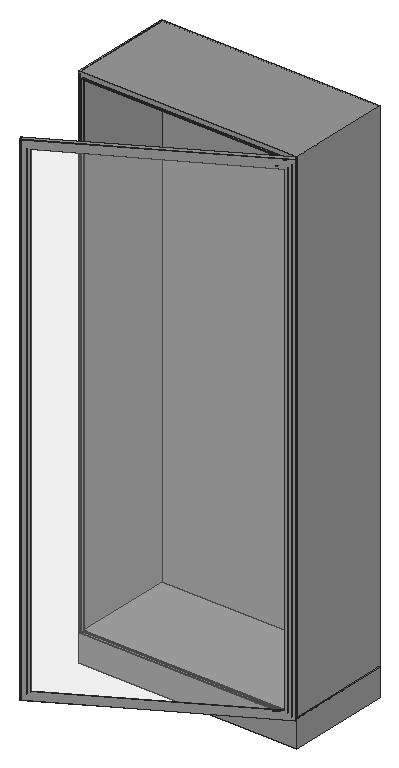
Revit family "Hager-Univers-IP55-D400-H1950-Cl.I-Steel_encl-NoHosted-PL-en", category Equipement électrique, Revit 2020
Family settings
  Configuration du panneau = Deux colonnes, circuits au sein
  Cote de connecteur circulaire = Utiliser le diamètre
  Type d'élément = Tableau de raccordement
  Basée sur le plan de construction = Oui
  Toujours verticalement = Oui
  Couper avec des vides une fois chargée = Non
  Partagée = Non
  Point de calcul de pièce = Non
Parameters (values of type "Floor installation IP55 W800 H1950 D400  - FR23V1")
  Width Control [instance] = if([EF000008 - Width] > Min Width, [EF000008 - Width], Min Width)  # 800 mm
  Commentaires du type = [HG000003 - Range]  # "Univers"
  Thickness Door [instance] = if([EF009171 - Material plate thickness door/cover] > 3 mm, 3 mm, [EF009171 - Material plate thickness door/cover])  # 1.5 mm
  Seal Frame Offset [instance] = 17 mm  # constant formula
  Plinth Visibility [instance] = [HG000027 - Plinth height] > 0 mm  # yes
  Min Width [instance] = 100 mm  # constant formula
  Min Depth [instance] = (2 * [EF009170 - Material plate thickness cabinet]) + 1 mm  # 4 mm
  Min Height [instance] = 100 mm  # constant formula
  Internal Frame Depth [instance] = (Door System Depth * 0.5)  # 9 mm
  Panel Name [instance] = ""  # (empty or 0)
  Model = ""
  HG000027 - Plinth height = 100 mm
  HG000026 - Floor standing = yes
  HG000024 - Bottom section height = 600 mm
  HG000023 - Double section enclosure = no
  HG000016 - Door 3d visibility [instance] = yes
  HG000015 - Clearance visibility [instance] = no
  HG000014 - Door on the right [instance] = yes
  HG000013 - Door on the left [instance] = not([HG000014 - Door on the right])  # no
  HG000012 - Door swing angle [instance] = 30.00°
  HG000010 - Asymmetric doors = no
  HG000009 - Double swing door = no
  HG000006 - Flush mounted = no
  HG000004 - Manufacturer reference = "FR23V1"
  HG000003 - Range = "Univers"
  HG000002 - With door or cover = yes
  Frame Offset Bottom [instance] = 10 mm  # constant formula
  Frame Offset [instance] = 15 mm  # constant formula
  EF015940 - Cover with overpressure release = no
  EF011959 - Degree of protection (NEMA) = ""
  EF009554 - Number of openings for flange plates = 6
  EF009212 - Cover model = "EV000116 - Closed"
  EF009171 - Material plate thickness door/cover = 1.5 mm
  EF009170 - Material plate thickness cabinet = 1.5 mm
  EF008873 - Nominal current (In) = 800 A
  EF007800 - Suitable for lightning protection = no
  EF006306 - With lock = no
  EF006244 - Transparent cover/door = yes
  EF005474 - Degree of protection (IP) = "EV006420 - IP55"
  EF004464 - Type of door = "EV002646 - Single"
  EF004427 - Number of modules = 432
  EF004293 - Impact strength = "EV008784 - IK10"
  EF003532 - Suitable for outdoor use = no
  EF002950 - Width in number of modular spacings = 24
  EF001613 - Circuit integrity = "EV000494 - None"
  EF001596 - Material housing = "EV000179 - Steel"
  EF001131 - Internal depth = 400 mm
  EF001088 - Extension possible = yes
  EF000437 - Number of conduit inlets = 6
  EF000339 - Type of cover = "EV004216 - Door"
  EF000266 - Number of rows = 12
  EF000218 - Built-in depth = 0 mm
  EF000118 - With mounting plate = no
  EF000116 - RAL-number = "7035"
  EF000049 - Depth = 400 mm
  EF000040 - Height = 1950 mm
  EF000008 - Width = 800 mm
  EF000007 - Colour = "EV000270 - Grey"
  EF000003 - Mounting method = "EV012274 - Floor installation"
  Door System Leaf Tolerance [instance] = 1.5 mm  # constant formula
  Door System Depth [instance] = 18 mm  # constant formula
  Door Height [instance] = Height Control - [HG000027 - Plinth height]  # 1850 mm
  Description = ""
  Default Elevation = 1219.2 mm
  Connector Offset [instance] = Height Control / 2  # 975 mm
  Fabricant = "Hager"  # constant formula
  Height Control [instance] = if([EF000040 - Height] > Min Height, [EF000040 - Height], Min Height)  # 1950 mm
  Depth Control [instance] = if([EF000049 - Depth] > Min Depth, [EF000049 - Depth], Min Depth)  # 400 mm
  Bottom Top Plate Trim [instance] = 1.5 mm  # constant formula
  Plinth height Ctrl [instance] = if([HG000027 - Plinth height] > 0 mm, [HG000027 - Plinth height], 12 mm)  # 100 mm
Types (11, lengths in mm): name | Width Control | HG000010 - Asymmetric doors | HG000009 - Double swing door | HG000004 - Manufacturer reference | EF009554 - Number of openings for flange plates | EF006244 - Transparent cover/door | EF004464 - Type of door | EF004427 - Number of modules | EF000437 - Number of conduit inlets | EF000008 - Width
  Floor installation IP55 W1050 H1950 D400  - FR24G1 | 1050 | yes | yes | "FR24G1" | 8 | no | "EV003602 - Double" | 576 | 8 | 1050
  Floor installation IP55 W1050 H1950 D400  - FR24V1 | 1050 | yes | yes | "FR24V1" | 8 | yes | "EV003602 - Double" | 576 | 8 | 1050
  Floor installation IP55 W1300 H1950 D400  - FR25G1 | 1300 | yes | yes | "FR25G1" | 10 | no | "EV003602 - Double" | 720 | 10 | 1300
  Floor installation IP55 W1300 H1950 D400  - FR25V1 | 1300 | yes | yes | "FR25V1" | 10 | yes | "EV003602 - Double" | 720 | 10 | 1300
  Floor installation IP55 W1550 H1950 D400  - FR26G1 | 1550 | yes | yes | "FR26G1" | 12 | no | "EV003602 - Double" | 864 | 12 | 1550
  Floor installation IP55 W1550 H1950 D400  - FR26V1 | 1550 | yes | yes | "FR26V1" | 12 | yes | "EV003602 - Double" | 864 | 12 | 1550
  Floor installation IP55 W300 H1950 D400  - FR21G1 | 300 | no | no | "FR21G1" | 2 | no | "EV002646 - Single" | 144 | 2 | 300
  Floor installation IP55 W550 H1950 D400  - FR22G1 | 550 | no | no | "FR22G1" | 4 | no | "EV002646 - Single" | 288 | 4 | 550
  Floor installation IP55 W550 H1950 D400  - FR22V1 | 550 | no | no | "FR22V1" | 4 | yes | "EV002646 - Single" | 288 | 4 | 550
  Floor installation IP55 W800 H1950 D400  - FR23G1 | 800 | no | no | "FR23G1" | 6 | no | "EV002646 - Single" | 432 | 6 | 800
  Floor installation IP55 W800 H1950 D400  - FR23V1 | 800 | no | no | "FR23V1" | 6 | yes | "EV002646 - Single" | 432 | 6 | 800
Reference planes
  plane 1 "Center (Front/Back)": y = 0
  plane 2: z = 0
  plane 3 "Center (Left/Right)": x = 0
  plane 4: y = 0
  plane 5: y = 0
  plane 6: z = 0
  plane 7: x = -400
  plane 8: x = 400
  plane 9: x = 398.5
  plane 10: x = -398.5
  plane 11: z = 100
  plane 12: z = 101.5
  plane 13: y = -400
  plane 14: y = -1.5
  plane 15: x = 0
  plane 16: y = -382
  plane 17: y = -398.5
  plane 18: y = -380.5
  plane 19: x = -383.5
  plane 20: x = 383.5
  plane 21: z = 111.5
  plane 22: x = -383
  plane 23: x = 383
  plane 24: z = 100
  plane 25: z = 1950
  plane 26: z = 1950
  plane 27: z = 1933.5
  plane 28: z = 1948.5
Forms (mm)
  Extrusion 1, solid, material "Hager_Steel_RAL7035_Light_Grey", detail levels medium+fine
    sketch origin (-208.679, -4572, 100) x (-1, 0, 0) y (0, -1, 0)
      loop
        line (191.321, -4190) -> (-608.679, -4190) -> (-608.679, -4572) -> (191.321, -4572) -> (191.321, -4190)
    from 0 to 1850
  Extrusion 2, void
    sketch origin (-350.771, -400, 1219.2) x (1, 0, 0) y (0, 0, 1)
      loop
        line (-47.729, 729.3) -> (-47.729, -1117.7) -> (749.271, -1117.7) -> (749.271, 729.3) -> (-47.729, 729.3)
    from -19.5 to -398.5
  Extrusion 3, void
    sketch origin (-290.084, -382, 1219.2) x (1, 0, 0) y (0, 0, 1)
      loop
        line (-93.416, -1107.7) -> (673.584, -1107.7) -> (673.584, 714.3) -> (-93.416, 714.3) -> (-93.416, -1107.7)
    from 0 to -1.5
  Extrusion 4, solid, material "Hager_Steel_RAL7035_Light_Grey", visible <- "Plinth Visibility", detail levels medium+fine
    sketch origin (0, 0, 0) x (1, 0, 0) y (0, 1, 0)
      loop
        line (-400, 0) -> (-400, -382) -> (400, -382) -> (400, 0) -> (-400, 0)
    from 0 to 100 <- "Plinth height Ctrl"
  Extrusion 5, solid, material "Hager_Steel_RAL7035_Light_Grey", detail levels coarse
    sketch origin (0, 0, 0) x (1, 0, 0) y (0, 1, 0)
      loop
        line (-400, 0) -> (-400, -400) -> (400, -400) -> (400, 0) -> (-400, 0)
    from 0 to 1950 <- "Height Control"
  Sweep 6, void
    path in 3D
      loop
        line (-400, -382, 100) -> (400, -382, 100) -> (400, 0, 100) -> (-400, 0, 100) -> (-400, -382, 100)
    profile origin (-400, -191, 100) x (1, 0, 0) y (0, 0, 1)
      loop
        line (0, 0) -> (0, -1.5) -> (1.5, -1.5)
        arc (1.5, -1.5) -> (1.061, -0.439) -> (0, 0) r 1.5
  Extrusion 7, solid, material "Hager_Steel_RAL7035_Light_Grey", detail levels fine
    sketch origin (-400, -382, 100) x (1, 0, 0) y (0, 0, 1)
      loop
        line (16.5, 11.5) -> (783.5, 11.5) -> (783.5, 1833.5) -> (16.5, 1833.5) -> (16.5, 11.5)
      loop
        line (15, 10) -> (785, 10) -> (785, 1835) -> (15, 1835) -> (15, 10)
    from 0 to 9 <- "Internal Frame Depth"
Cuts and joins
  Extrusion 2, Extrusion 3 cuts Extrusion 1
  Sweep 6 cuts Extrusion 4
Lines and regions (mm)
  Masking region 1
    outline origin (0, 0, 0) x (1, 0, 0) y (0, 1, 0)
      loop
        line (-400, 0) -> (-400, -400) -> (400, -400) -> (400, 0) -> (-400, 0)
  Masking region 2, detail levels coarse
    outline origin (-290.084, -382, 1219.2) x (-1, 0, 0) y (0, 0, 1)
      loop
        line (-690.084, -1219.2) -> (109.916, -1219.2) -> (109.916, 730.8) -> (-690.084, 730.8) -> (-690.084, -1219.2)
  Masking region 3, detail levels coarse
    outline origin (0, 0, 0) x (0, 1, 0) y (0, 0, 1)
      loop
        line (0, 0) -> (0, 1950) -> (-400, 1950) -> (-400, 0) -> (0, 0)
  Masking region 4, visible <- "Plinth Visibility", detail levels medium+fine
    outline origin (0, 0, 0) x (0, 1, 0) y (0, 0, 1)
      loop
        line (-1.5, 100) -> (-380.5, 100)
        arc (-380.5, 100) -> (-380.939, 98.939) -> (-382, 98.5) r 1.5
        line (-382, 98.5) -> (-382, 0) -> (0, 0) -> (0, 98.5)
        arc (0, 98.5) -> (-1.061, 98.939) -> (-1.5, 100) r 1.5
  Masking region 5, detail levels medium+fine
    outline origin (0, 0, 594.038) x (0, 1, 0) y (0, 0, 1)
      loop
        line (0, -494.038) -> (0, 1355.962) -> (-382, 1355.962) -> (-382, -494.038) -> (0, -494.038)
  Masking region 6, detail levels medium+fine
    outline origin (-359.7, -382, 1211.883) x (-1, 0, 0) y (0, 0, 1)
      loop
        line (-759.7, -1111.883) -> (40.3, -1111.883) -> (40.3, 738.117) -> (-759.7, 738.117) -> (-759.7, -1111.883)
  Masking region 7, visible <- "Plinth Visibility", detail levels medium+fine
    outline origin (-320.334, -382, 1041.368) x (-1, 0, 0) y (0, 0, 1)
      loop
        line (-720.334, -1041.368) -> (79.666, -1041.368) -> (79.666, -942.868)
        arc (79.666, -942.868) -> (78.606, -942.429) -> (78.166, -941.368) r 1.5
        line (78.166, -941.368) -> (-718.834, -941.368)
        arc (-718.834, -941.368) -> (-719.273, -942.429) -> (-720.334, -942.868) r 1.5
        line (-720.334, -942.868) -> (-720.334, -1041.368)
  sketch lines
    curve 1: line (-400, 0, 100) -> (-400, -382, 100)
    curve 2: line (-400, -382, 100) -> (400, -382, 100)
    curve 3: line (400, 0, 100) -> (-400, 0, 100)
    curve 4: line (400, -382, 100) -> (400, 0, 100)
Dimensions and locks
  locked: plane 1 "Center (Front/Back)" to plane 5
  "EF009170 - Material plate thickness cabinet": plane 7 to plane 10
  "EF009170 - Material plate thickness cabinet": plane 8 to plane 9
  equal spacing: plane 7, plane 3 "Center (Left/Right)", plane 8
  "Width Control": plane 7 to plane 8
  "Depth Control": plane 4 to plane 13
  "EF009170 - Material plate thickness cabinet": plane 4 to plane 14
  "Height Control": plane 25 to level
  "HG000027 - Plinth height": plane 11 to level
  "EF009170 - Material plate thickness cabinet": plane 12 to plane 11
  "EF009170 - Material plate thickness cabinet": plane 17 to plane 13
  "EF009170 - Material plate thickness cabinet": plane 18 to plane 16
  "Frame Offset Bottom": plane 21 to plane 12
  "Frame Offset": plane 10 to plane 19
  "Frame Offset": plane 9 to plane 20
  "Door System Depth": plane 16 to plane 13
  "Seal Frame Offset": plane 7 to plane 22
  "Seal Frame Offset": plane 8 to plane 23
  "EF009170 - Material plate thickness cabinet": plane 26 to plane 28
  "Frame Offset": plane 28 to plane 27
  "Connector Offset": plane 2 to connector elem
  "Bottom Top Plate Trim": profile plane to Sweep 6 sketch curve
  "Bottom Top Plate Trim": Sweep 6 sketch curve to Sweep 6 sketch curve
  "Plinth height Ctrl": Masking region 4 sketch curve to level
  "Plinth height Ctrl": Masking region 7 sketch curve to level
  "Thickness Door": Extrusion 7 sketch curve to Extrusion 7 sketch curve  (x4)
  "Bottom Top Plate Trim": radius of Sweep 6 sketch curve
  "Bottom Top Plate Trim": radius of Masking region 4 sketch curve  (x2)
  "Bottom Top Plate Trim": radius of Masking region 7 sketch curve  (x2)
  aligned and locked: Extrusion 2 sketch curve to plane 12
  aligned and locked: Extrusion 2 sketch curve to plane 9
  aligned and locked: Extrusion 2 sketch curve to plane 10
  aligned and locked: Extrusion 2 to plane 14
  aligned and locked: Extrusion 1 sketch curve to plane 4
  aligned and locked: plane 8 to Extrusion 1 sketch curve
  aligned and locked: plane 7 to Extrusion 1 sketch curve
  aligned and locked: Extrusion 2 to plane 18
  aligned and locked: Extrusion 3 sketch curve to plane 19
  aligned and locked: plane 20 to Extrusion 3 sketch curve
  aligned and locked: Extrusion 3 to Extrusion 2
  aligned and locked: Extrusion 3 sketch curve to plane 21
  aligned and locked: plane 3 "Center (Left/Right)" to nested 1
  aligned and locked: Extrusion 1 sketch curve to plane 16
  aligned and locked: Extrusion 4 sketch curve to cut or joined group of Extrusion 1, Extrusion 2, Extrusion 3
  aligned and locked: Masking region 1 sketch curve to plane 7
  aligned and locked: Masking region 1 sketch curve to plane 5
  aligned and locked: Masking region 1 sketch curve to plane 8
  aligned and locked: Masking region 2 sketch curve to level
  aligned and locked: level to Masking region 3 sketch curve
  aligned and locked: plane 1 "Center (Front/Back)" to Masking region 3 sketch curve
  aligned and locked: plane 13 to Masking region 3 sketch curve
  aligned and locked: plane 5 to Masking region 4 sketch curve
  aligned and locked: Masking region 2 sketch curve to plane 8
  aligned and locked: Masking region 2 sketch curve to plane 7
  aligned and locked: plane 7 to nested 2
  aligned and locked: nested 2 to plane 5
  aligned and locked: plane 5 to Masking region 5 sketch curve
  aligned and locked: plane 26 to Masking region 5 sketch curve
  aligned and locked: Extrusion 5 sketch curve to plane 8
  aligned and locked: Extrusion 5 sketch curve to plane 7
  aligned and locked: Extrusion 5 sketch curve to plane 5
  aligned and locked: Extrusion 3 sketch curve to plane 27
  aligned and locked: Extrusion 2 sketch curve to plane 28
  aligned and locked: Masking region 2 to plane 25
  aligned and locked: Extrusion 4 to plane 16
  aligned and locked: profile plane to Sweep 6 sketch curve
  aligned and locked: Masking region 5 sketch curve to plane 24
  aligned and locked: level to Masking region 4 sketch curve
  aligned and locked: Masking region 1 to plane 13
  aligned and locked: nested 1 to plane 16
  aligned and locked: Masking region 3 to plane 25
  aligned and locked: plane 16 to Masking region 4 sketch curve
  aligned and locked: Masking region 5 sketch curve to plane 16
  aligned and locked: plane 24 to plane 11
  aligned and locked: plane 26 to plane 25
  aligned and locked: plane 26 to cut or joined group of Extrusion 1, Extrusion 2, Extrusion 3
  aligned and locked: nested 1 to plane 24
  aligned and locked: Extrusion 1 to Extrusion 3
  aligned and locked: Masking region 6 sketch curve to plane 8
  aligned and locked: Masking region 6 sketch curve to plane 24
  aligned and locked: Masking region 6 sketch curve to plane 7
  aligned and locked: Masking region 6 sketch curve to plane 26
  aligned and locked: Masking region 7 sketch curve to plane 7
  aligned and locked: level to Masking region 7 sketch curve
  aligned and locked: Masking region 7 sketch curve to plane 8
  aligned and locked: Extrusion 7 sketch curve to cut or joined group of Extrusion 1, Extrusion 2, Extrusion 3  (x4)
Automatic sketch dimensions
  plane 19 to Extrusion 3 sketch curve = 0 mm
  Extrusion 3 sketch curve to plane 20 = 0 mm
  Extrusion 3 sketch curve to plane 21 = 0 mm
  Extrusion 4 sketch curve to plane 7 = 0 mm
  Extrusion 4 sketch curve to plane 8 = 0 mm
  Extrusion 4 sketch curve to plane 16 = 0 mm
  Masking region 1 sketch curve to plane 13 = 0 mm
  Masking region 2 sketch curve to plane 25 = 0 mm
  Masking region 3 sketch curve to plane 25 = 0 mm
  Extrusion 5 sketch curve to plane 13 = 0 mm
  profile plane to Sweep 6 sketch curve = 0 mm
Nested families
  nested 1: "EC000058_Univers_Door" at (0, -382, 100), Double <- "HG000009 - Double swing door", Transparent <- "EF006244 - Transparent cover/door", Angle <- "HG000012 - Door swing angle", Door_Right <- "HG000014 - Door on the right", Assymetrical <- "HG000010 - Asymmetric doors", Door <- "HG000002 - With door or cover", Width_Ctrl <- "Width Control", 3d_Door <- "HG000016 - Door 3d visibility", Clearance <- "HG000015 - Clearance visibility", Door_Left <- "HG000013 - Door on the left", Width <- "Width Control", Door_Depth <- "Door System Depth", Leaf_Tolerance <- "Door System Leaf Tolerance", Height <- "Door Height", Lock_Visibility <- "EF006306 - With lock", Thickness <- "Thickness Door", type "EC000058_Univers_Door", detail levels medium+fine
    with min_wh 4 mm, Width_Ctrl 800 mm, Width 800 mm, Transparent yes, Thickness 1.5 mm, Seal_Material Hager_Rubber, Lock_Visibility no, Lock_Material Hager_Plastic_RAL9005_Jet_Black, Leaf_Width 800 mm, Leaf_Tolerance_External_Sides 0 mm, Leaf_Tolerance 1.5 mm, Leaf_Offset 0 mm, Leaf_Height 1847 mm, Leaf_2_Width 800 mm, Leaf_2_Offset 400 mm, Leaf_1_Width 800 mm, Leaf_1_Offset 400 mm, Height_Ctrl 1850 mm, Height 1850 mm, Glass_Material Hager_Glass, Double_Clearance_Ctrl no, Double no, Door_Right_Ctrl yes, Door_Right yes, Door_Material Hager_Steel_RAL7035_Light_Grey, Door_Left_Ctrl no, Door_Left no, Door_Depth 18 mm, Door yes, Clearance_Material Hager_Clearance, Clearance_Depth 800 mm, Clearance_Ctrl no, Clearance no, Assymetrical no, Angle 30.00°, 3d_Door yes
  nested 2: "Hager_Enclosure_Symbol" at (-400, 0, 0), Height <- "Depth Control", Width <- "Width Control", type "Hager_Enclosure_Symbol"
    with Width_Ctrl 800 mm, Width 800 mm, Height_Ctrl 400 mm, Height 400 mm, A_Width_Int 26.25 mm, A_Width 315 mm, A_Height_Ctrl 350 mm, A_Height 350 mm
Connectors
  electrical at (0, 0, 975)
    settings: on plane 1 "Center (Front/Back)", index 1, voltage 0 V, apparent load 0 VA, apparent load phase1 0 VA, apparent load phase2 0 VA, apparent load phase3 0 VA, power factor 1, load classification "Other", number of poles 1, system type 30, power factor state 1, is connector primary yes, connector utility no, sub classification motor no, connector description ""
Definition of nested family "EC000058_Univers_Door"
  Parameters (values of type "EC000058_Univers_Door")
    min_wh [instance] = (2 * Thickness) + 1 mm  # 11 mm
    Width_Ctrl [instance] = 400 mm
    Width [instance] = 500 mm
    Transparent [instance] = yes
    Thickness [instance] = 5 mm
    Seal_Material [instance] = none
    Lock_Visibility [instance] = yes
    Lock_Material [instance] = none
    Leaf_Width [instance] = if((Width_Ctrl - 2 * Leaf_Tolerance_External_Sides) > 0 mm, (Width_Ctrl - 2 * Leaf_Tolerance_External_Sides), min_wh)  # 400 mm
    Leaf_Tolerance_External_Sides [instance] = 0 mm  # constant formula
    Leaf_Tolerance [instance] = 1.5 mm
    Leaf_Offset [instance] = 0 mm  # constant formula
    Leaf_Height [instance] = if((Height_Ctrl - 2 * Leaf_Tolerance) > 0 mm, (Height_Ctrl - 2 * Leaf_Tolerance), min_wh)  # 497 mm
    Leaf_2_Width [instance] = if(and(and(Double, Assymetrical), Door_Left), (Leaf_Width / 3) - (Leaf_Tolerance / 2), if(and(and(Double, Assymetrical), Door_Right), (Leaf_Width / 3) * 2 - (Leaf_Tolerance / 2), if(and(Double, not(Assymetrical)), (Leaf_Width / 2) - Leaf_Tolerance, Leaf_Width)))  # 400 mm
    Leaf_2_Offset [instance] = if(and(Double, Assymetrical), Leaf_2_Width / 2, if(and(Double, not(Assymetrical)), Leaf_Width / 4, Leaf_Width / 2))  # 200 mm
    Leaf_1_Width [instance] = if(and(and(Double, Assymetrical), Door_Right), (Leaf_Width / 3) - (Leaf_Tolerance / 2), if(and(and(Double, Assymetrical), Door_Left), (Width / 3) * 2 - (Leaf_Tolerance / 2), if(and(Double, not(Assymetrical)), (Leaf_Width / 2) - Leaf_Tolerance, Leaf_Width)))  # 400 mm
    Leaf_1_Offset [instance] = if(and(Double, Assymetrical), Leaf_1_Width / 2, if(and(Double, not(Assymetrical)), Leaf_Width / 4, Leaf_Width / 2))  # 200 mm
    Height_Ctrl [instance] = if(Height > min_wh, Height, min_wh)  # 500 mm
    Height [instance] = 500 mm
    Glass_Material [instance] = none
    Double_Clearance_Ctrl [instance] = and(Double, Clearance)  # no
    Double [instance] = no
    Door_Right_Ctrl [instance] = and(or(Door_Right, Double), Door)  # yes
    Door_Right [instance] = yes
    Door_Material [instance] = none
    Door_Left_Ctrl [instance] = and(or(Door_Left, Double), Door)  # no
    Door_Left [instance] = no
    Door_Depth [instance] = 30 mm
    Door [instance] = yes
    Default Elevation = 1219.2 mm
    Clearance_Material [instance] = none
    Clearance_Depth [instance] = if(Leaf_1_Width > Leaf_2_Width, Leaf_1_Width, Leaf_2_Width)  # 400 mm
    Clearance_Ctrl [instance] = and(not(Double), Clearance)  # yes
    Clearance [instance] = yes
    Assymetrical [instance] = yes
    Angle [instance] = 30.00°
    3d_Door [instance] = yes
  Reference planes
    plane 1 "Center (Front/Back)": y = 0
    plane 2 "Bottom": z = 0
    plane 3 "Center (Left/Right)": x = 0
    plane 4: z = 500
    plane 5: x = -200
    plane 6: x = 200
    plane 7: z = 500
    plane 8: x = -200
    plane 9: z = 0
    plane 10: x = 200
    plane 11: y = 0
    plane 12: z = 1.5
    plane 13: x = -600
    plane 14: y = -400
    plane 15: x = 600
    plane 16: x = 0
    plane 17: x = 0
    plane 18: x = -200
    plane 19: x = 200
    plane 20: z = 498.5
  Forms (mm)
    Extrusion 1, solid, material <- "Clearance_Material", visible <- "Double_Clearance_Ctrl"
      sketch origin (1200, 0, 0) x (1, 0, 0) y (0, 0, -1)
        loop
          line (-1800, -498.5) -> (-600, -498.5) -> (-600, 0) -> (-1800, 0) -> (-1800, -498.5)
      from 0 to -400
  Dimensions and locks
    equal spacing: plane 5, plane 3 "Center (Left/Right)", plane 6
    "Width_Ctrl": plane 5 to plane 6
    "Leaf_Offset": plane 5 to plane 8
    "Leaf_Offset": plane 6 to plane 10
    "Leaf_Offset": plane 9 to level
    "Leaf_Offset": plane 4 to plane 7
    "Height_Ctrl": plane 4 to level
    "Leaf_Tolerance": plane 12 to plane 9
    locked: plane 11 to plane 1 "Center (Front/Back)"
    "Leaf_1_Offset": plane 18 to plane 16
    "Leaf_2_Offset": plane 17 to plane 19
    "Leaf_1_Width": plane 13 to plane 8
    "Leaf_2_Width": plane 10 to plane 15
    "Clearance_Depth": plane 14 to plane 1 "Center (Front/Back)"
    "Leaf_Tolerance_External_Sides": plane 8 to plane 18
    "Leaf_Tolerance_External_Sides": plane 19 to plane 10
    "Leaf_Tolerance": plane 7 to plane 20
    aligned and locked: level to plane 2 "Bottom"
    aligned and locked: nested 1 to plane 16
    aligned and locked: nested 2 to plane 17
    aligned and locked: Extrusion 1 to plane 13
    aligned and locked: plane 15 to Extrusion 1
    aligned and locked: Extrusion 1 to plane 14
    aligned and locked: plane 12 to nested 1
    aligned and locked: nested 2 to plane 12
    aligned and locked: Extrusion 1 to plane 11
    aligned and locked: plane 20 to Extrusion 1
    aligned and locked: nested 2 to plane 11
    aligned and locked: nested 1 to plane 11
  Automatic sketch dimensions
    Extrusion 1 sketch curve to level = 0 mm
    plane 5 to Extrusion 1 sketch curve = 400 mm
    plane 6 to Extrusion 1 sketch curve = 400 mm
    Extrusion 1 sketch curve to plane 4 = 1.5 mm
  Nested families
    nested 1: "EC000058_Univers_Door_Leaf" at (0, 0, 1.5), Width <- "Leaf_1_Width", visible <- "Door_Left_Ctrl", Leaf_Height <- "Leaf_Height", Angle <- "Angle", 3d_Door <- "3d_Door", Transparent <- "Transparent", Clearance Material <- "Clearance_Material", Clearance <- "Clearance_Ctrl", Door_Material <- "Door_Material", Glass_Material <- "Glass_Material", Door_Depth <- "Door_Depth", Lock_Material <- "Lock_Material", Seal_Material <- "Seal_Material", Lock_Visibility <- "Lock_Visibility", Thickness <- "Thickness", type "EC000058_Univers_Door_Leaf"
      with Width 400 mm, Transparent_Glass_Offset 30 mm, Transparent_Ctrl yes, Transparent yes, Thickness 5 mm, Standard no, Seal_Material none, Seal_D2 8 mm, Seal_D1 1 mm, Offset_Internal_Frame 10 mm, Lock_Width 20 mm, Lock_Visibility_3d yes, Lock_Visibility yes, Lock_Thickness_3 3 mm, Lock_Thickness_2 1 mm, Lock_Thickness_1 3 mm, Lock_Radius_Offset_2 16 mm, Lock_Radius_Offset_1 15 mm, Lock_Radius_2 5 mm, Lock_Radius 6 mm, Lock_Offset 5 mm, Lock_Material none, Lock_Height 80 mm, Lock_Cover_Top_Offset_2d 17 mm, Lock_Cover_Height -65 mm, Leaf_Height 497 mm, Internal_Seal_Thickness 8 mm, Internal_Seal_Depth_2 4.5 mm, Internal_Frame_Depth 25 mm, Glass_Thickness -1 mm, Glass_Offset -2 mm, Glass_Material none, Door_Material none, Door_Depth 30 mm, Clearance Material none, Clearance yes, Angle_Ctrl 30.00°, Angle 30.00°, 3d_Door yes
    nested 2: "EC000058_Univers_Door_Leaf" at (0, 0, 1.5) x (-1, 0, 0) z (0, 0, 1), Width <- "Leaf_2_Width", visible <- "Door_Right_Ctrl", Leaf_Height <- "Leaf_Height", Angle <- "Angle", 3d_Door <- "3d_Door", Transparent <- "Transparent", Clearance Material <- "Clearance_Material", Clearance <- "Clearance_Ctrl", Door_Material <- "Door_Material", Glass_Material <- "Glass_Material", Door_Depth <- "Door_Depth", Lock_Material <- "Lock_Material", Seal_Material <- "Seal_Material", Lock_Visibility <- "Lock_Visibility", Thickness <- "Thickness", type "EC000058_Univers_Door_Leaf"
      with Width 400 mm, Transparent_Glass_Offset 30 mm, Transparent_Ctrl yes, Transparent yes, Thickness 5 mm, Standard no, Seal_Material none, Seal_D2 8 mm, Seal_D1 1 mm, Offset_Internal_Frame 10 mm, Lock_Width 20 mm, Lock_Visibility_3d yes, Lock_Visibility yes, Lock_Thickness_3 3 mm, Lock_Thickness_2 1 mm, Lock_Thickness_1 3 mm, Lock_Radius_Offset_2 16 mm, Lock_Radius_Offset_1 15 mm, Lock_Radius_2 5 mm, Lock_Radius 6 mm, Lock_Offset 5 mm, Lock_Material none, Lock_Height 80 mm, Lock_Cover_Top_Offset_2d 17 mm, Lock_Cover_Height -65 mm, Leaf_Height 497 mm, Internal_Seal_Thickness 8 mm, Internal_Seal_Depth_2 4.5 mm, Internal_Frame_Depth 25 mm, Glass_Thickness -1 mm, Glass_Offset -2 mm, Glass_Material none, Door_Material none, Door_Depth 30 mm, Clearance Material none, Clearance yes, Angle_Ctrl 30.00°, Angle 30.00°, 3d_Door yes
  Definition of nested family "EC000058_Univers_Door_Leaf"
    Parameters (values of type "EC000058_Univers_Door_Leaf")
      Width [instance] = 2000 mm
      Transparent_Glass_Offset [instance] = 30 mm
      Transparent_Ctrl [instance] = and(Transparent, [3d_Door])  # yes
      Transparent [instance] = yes
      Thickness [instance] = 5 mm
      Standard [instance] = and(not(Transparent), [3d_Door])  # no
      Seal_Material [instance] = none
      Seal_D2 [instance] = 8 mm  # constant formula
      Seal_D1 [instance] = 1 mm  # constant formula
      Offset_Internal_Frame [instance] = 10 mm  # constant formula
      Lock_Width [instance] = 20 mm  # constant formula
      Lock_Visibility_3d [instance] = and(Lock_Visibility, [3d_Door])  # yes
      Lock_Visibility [instance] = yes
      Lock_Thickness_3 [instance] = 3 mm  # constant formula
      Lock_Thickness_2 [instance] = 1 mm  # constant formula
      Lock_Thickness_1 [instance] = 3 mm  # constant formula
      Lock_Radius_Offset_2 [instance] = Lock_Radius_Offset_1 + 1 mm  # 16 mm
      Lock_Radius_Offset_1 [instance] = 15 mm  # constant formula
      Lock_Radius_2 [instance] = Lock_Radius - 1 mm  # 5 mm
      Lock_Radius [instance] = 6 mm  # constant formula
      Lock_Offset [instance] = 5 mm  # constant formula
      Lock_Material [instance] = none
      Lock_Height [instance] = 80 mm  # constant formula
      Lock_Cover_Top_Offset_2d [instance] = Lock_Radius_Offset_2 + 1 mm  # 17 mm
      Lock_Cover_Height [instance] = -(Lock_Height - Lock_Radius_Offset_1)  # -65 mm
      Leaf_Height [instance] = 2720.336 mm
      Internal_Seal_Thickness [instance] = 8 mm  # constant formula
      Internal_Seal_Depth_2 [instance] = 4.5 mm  # constant formula
      Internal_Frame_Depth [instance] = if(Door_Depth - Thickness > 5 mm, Door_Depth - Thickness, 5 mm)  # 25 mm
      Glass_Thickness [instance] = if(Thickness > 15 mm, Glass_Offset + 10 mm, -1 mm)  # -1 mm
      Glass_Offset [instance] = if(Thickness > 15 mm, -(Thickness + 10 mm) / 2, -2 mm)  # -2 mm
      Glass_Material [instance] = none
      Door_Material [instance] = none
      Door_Depth [instance] = 30 mm
      Default Elevation = 0 mm
      Clearance Material [instance] = none
      Clearance [instance] = yes
      Angle_Ctrl [instance] = if(Angle > 180.00°, 180.00°, Angle)  # 90.00°
      Angle [instance] = 90.00°
      3d_Door [instance] = yes
    Reference planes
      plane 1 "Center (Front/Back)": y = 0
      plane 2: z = 0
      plane 3 "Center (Left/Right)": x = 0
      plane 4: y = 2000
      plane 5: x = -1000
      plane 6: x = 1000
      plane 7: x = -3000
      plane 8: z = 2720.336
      plane 9: z = 30
      plane 10: z = 2690.336
      plane 11: x = 970
      plane 12: x = -970
      plane 13: y = -3
      plane 14: z = 107.833
      plane 15: y = -5
      plane 16: y = -223.314
      plane 17: x = -1000
      plane 18: z = 1360.168
      plane 19: y = 30
    Forms (mm)
      Extrusion 1, solid, material <- "Clearance Material", visible <- "Clearance"
        sketch origin (0, 0, 0) x (1, 0, 0) y (0, 0, 1)
          loop
            line (-3000, 2720.336) -> (-3000, 0) -> (1000, 0) -> (1000, 2720.336) -> (-3000, 2720.336)
        from 0 to -2000
      Extrusion 2, solid, material <- "Door_Material", visible <- "Standard", detail levels medium+fine
        sketch origin (-1000, 0, 0) x (0, 1, 0) y (-1, 0, 0)
          loop
            line (0, 30) -> (0, 25) -> (2000, 25) -> (2000, 30) -> (0, 30)
        from 0 to 2720.336 <- "Leaf_Height"
      Extrusion 3, solid, material <- "Door_Material", visible <- "Transparent_Ctrl", detail levels medium+fine
        sketch origin (-1000, 0, 0) x (0, 1, 0) y (-1, 0, 0)
          loop
            line (0, 25) -> (2000, 25) -> (2000, 30) -> (0, 30) -> (0, 25)
        from 0 to 2720.336 <- "Leaf_Height"
      Extrusion 4, void
        sketch origin (-1025, 2000, 0) x (0, 1, 0) y (0, 0, -1)
          loop
            line (-30, -2690.336) -> (-30, -30) -> (-1970, -30) -> (-1970, -2690.336) -> (-30, -2690.336)
        from 0 to 5 <- "Thickness"
      Sweep 5, solid, material <- "Seal_Material", visible <- "Transparent_Ctrl", detail levels fine
        path in 3D
          loop
            line (-1025, 30, 30) -> (-1025, 30, 2690.336) -> (-1025, 1970, 2690.336) -> (-1025, 1970, 30) -> (-1025, 30, 30)
        profile origin (-1025, 1000, 30) x (1, 0, 0) y (0, 0, 1)
          loop
            line (0, 0) -> (0, -8) -> (1, -8) -> (1, 0) -> (0, 0)
      Extrusion 6, solid, material <- "Glass_Material", visible <- "Transparent_Ctrl", detail levels medium+fine
        sketch origin (-1030, 0, 0) x (0, 1, 0) y (0, 0, -1)
          loop
            line (1970, -2690.336) -> (1970, -30) -> (30, -30) -> (30, -2690.336) -> (1970, -2690.336)
        from -2 <- "Glass_Offset" to -1 <- "Glass_Thickness"
      Extrusion 7, solid, material <- "Door_Material", visible <- "3d_Door", detail levels medium+fine
        sketch origin (-1025, 2000, 0) x (0, -1, 0) y (0, 0, -1)
          loop
            line (0, -2720.336) -> (2000, -2720.336) -> (2000, 0) -> (0, 0) -> (0, -2720.336)
          loop
            line (1995, -5) -> (5, -5) -> (5, -2715.336) -> (1995, -2715.336) -> (1995, -5)
        from 0 to 25 <- "Internal_Frame_Depth"
      Sweep 8, solid, material <- "Seal_Material", visible <- "Transparent_Ctrl", detail levels fine
        path in 3D
          loop
            line (-1025, 0, 0) -> (-1025, 2000, 0) -> (-1025, 2000, 2720.336) -> (-1025, 0, 2720.336) -> (-1025, 0, 0)
        profile origin (-1025, 0, 1360.168) x (1, 0, 0) y (0, 1, 0)
          loop
            line (0, 10) -> (2.975, 10)
            arc (2.975, 10) -> (4.053, 10.447) -> (4.5, 11.525) r 1.525
            line (4.5, 11.525) -> (4.5, 16.527)
            arc (4.5, 16.527) -> (4.069, 17.569) -> (3.027, 18) r 1.473
            line (3.027, 18) -> (0, 18) -> (0, 10)
      Extrusion 9, solid, material <- "Lock_Material", visible <- "Lock_Visibility_3d", detail levels fine
        sketch origin (-1030, 0, 0) x (0, 1, 0) y (0, 0, -1)
          loop
            arc (1993.5, -1400.168) -> (1994.561, -1399.729) -> (1995, -1398.668) r 1.5
            line (1995, -1398.668) -> (1995, -1320.168) -> (1975, -1320.168) -> (1975, -1398.668)
            arc (1975, -1398.668) -> (1975.439, -1399.729) -> (1976.5, -1400.168) r 1.5
            line (1976.5, -1400.168) -> (1993.5, -1400.168)
        from 3 <- "Lock_Thickness_1" to 0
      Blend 10, solid, material <- "Lock_Material", visible <- "Lock_Visibility_3d", detail levels fine
        base sketch origin (-1033, 0, 0) x (0, 1, 0) y (0, 0, -1)
          loop
            line (1975, -1320.168) -> (1975, -1398.668)
            arc (1975, -1398.668) -> (1975.439, -1399.729) -> (1976.5, -1400.168) r 1.5
            line (1976.5, -1400.168) -> (1993.5, -1400.168)
            arc (1993.5, -1400.168) -> (1994.561, -1399.729) -> (1995, -1398.668) r 1.5
            line (1995, -1398.668) -> (1995, -1320.168) -> (1975, -1320.168)
        top sketch origin (-1033, 0, 0) x (0, 1, 0) y (0, 0, -1)
          loop
            line (1976, -1320.168) -> (1976, -1398.668)
            arc (1976, -1398.668) -> (1976.146, -1399.022) -> (1976.5, -1399.168) r 0.5
            line (1976.5, -1399.168) -> (1993.5, -1399.168)
            arc (1993.5, -1399.168) -> (1993.854, -1399.022) -> (1994, -1398.668) r 0.5
            line (1994, -1398.668) -> (1994, -1320.168) -> (1976, -1320.168)
        from 0 to 1 <- "Lock_Thickness_2"
      Blend 11, solid, material <- "Lock_Material", visible <- "Lock_Visibility_3d", detail levels fine
        base sketch origin (-1034, 0, 0) x (0, 1, 0) y (0, 0, -1)
          loop
            line (1978, -1320.168) -> (1978, -1384.168)
            arc (1978, -1384.168) -> (1985, -1391.168) -> (1992, -1384.168) r 7
            line (1992, -1384.168) -> (1992, -1320.168) -> (1978, -1320.168)
        top sketch origin (-1034, 0, 0) x (0, 1, 0) y (0, 0, -1)
          loop
            line (1991, -1320.168) -> (1979, -1320.168) -> (1979, -1383.168)
            arc (1979, -1383.168) -> (1985, -1389.168) -> (1991, -1383.168) r 6
            line (1991, -1383.168) -> (1991, -1320.168)
        from 0 to 3 <- "Lock_Thickness_3"
      Extrusion 12, solid, material <- "Lock_Material", visible <- "Lock_Visibility_3d", detail levels fine
        sketch origin (-1030, 1975, 1320.168) x (1, 0, 0) y (0, -1, 0)
          loop
            line (-7, -19) -> (-7, -1) -> (0, -1) -> (0, 0) -> (-8, 0) -> (-8, -20) -> (0, -20) -> (0, -19) -> (-7, -19)
        from 0 to -65 <- "Lock_Cover_Height"
      Extrusion 13, void
        sketch origin (-1038, 1995, 1320.168) x (-1, 0, 0) y (0, 0, -1)
          loop
            line (-5, -65) -> (0, -65) -> (-5, -60) -> (-5, -65)
        from 0 to 20 <- "Lock_Width"
      Extrusion 14, void
        sketch origin (-1038, 1975, 1320.168) x (0, -1, 0) y (0, 0, -1)
          loop
            circle (-10, -15.995) r 6
          loop
            circle (-10, -15.995) r 5
        from 0 to 2
      Extrusion 15, solid, material <- "Lock_Material", visible <- "Lock_Visibility_3d", detail levels medium
        sketch origin (-1030, 0, 0) x (0, 1, 0) y (0, 0, -1)
          loop
            arc (1993.5, -1400.168) -> (1994.561, -1399.729) -> (1995, -1398.668) r 1.5
            line (1995, -1398.668) -> (1995, -1320.168) -> (1975, -1320.168) -> (1975, -1398.668)
            arc (1975, -1398.668) -> (1975.439, -1399.729) -> (1976.5, -1400.168) r 1.5
            line (1976.5, -1400.168) -> (1993.5, -1400.168)
        from 8 to 0
    Cuts and joins
      Extrusion 4 cuts Extrusion 3
      Extrusion 13, Extrusion 14 cuts Extrusion 9
      Extrusion 14 cuts Blend 11
      Extrusion 13, Extrusion 14 cuts Extrusion 12
      joined: Extrusion 9, Blend 10, Blend 11, Extrusion 12
      Extrusion 14 cuts Extrusion 15
    Lines and regions (mm)
      Masking region 1, visible <- "Lock_Visibility", detail levels fine
        outline origin (0, 0, 0) x (0, 1, 0) y (0, 0, 1)
          loop
            line (30, 1320.168) -> (33, 1320.168) -> (33, 1400.168) -> (30, 1400.168) -> (30, 1320.168)
      Masking region 2, visible <- "Lock_Visibility", detail levels fine
        outline origin (0, 3.143, 0) x (0, 1, 0) y (0, 0, 1)
          loop
            line (29.857, 1354.168) -> (30.857, 1354.168) -> (30.857, 1366.168) -> (29.857, 1366.168) -> (29.857, 1354.168)
      Masking region 3, detail levels medium+fine
        outline origin (0, 0, 0) x (0, 1, 0) y (0, 0, 1)
          loop
            line (0, 0) -> (30, 0) -> (30, 2720.336) -> (0, 2720.336) -> (0, 0)
      Masking region 4, detail levels medium+fine
        outline origin (0, 0, 0) x (1, 0, 0) y (0, 0, 1)
          loop
            line (-1000, 2720.336) -> (-1000, 0) -> (1000, 0) -> (1000, 2720.336) -> (-1000, 2720.336)
      Masking region 5, visible <- "Lock_Visibility", detail levels fine
        outline origin (-47.116, 0, 0) x (1, 0, 0) y (0, 0, 1)
          loop
            arc (1024.616, 1399.168) -> (1023.556, 1398.729) -> (1023.116, 1397.668) r 1.5
            line (1023.116, 1397.668) -> (1023.116, 1320.168) -> (1041.116, 1320.168) -> (1041.116, 1397.668)
            arc (1041.116, 1397.668) -> (1040.677, 1398.729) -> (1039.616, 1399.168) r 1.5
            line (1039.616, 1399.168) -> (1024.616, 1399.168)
      Masking region 6, visible <- "Lock_Visibility", detail levels medium+fine
        outline origin (-25, 0, 0) x (1, 0, 0) y (0, 0, 1)
          loop
            arc (1001.5, 1400.168) -> (1000.439, 1399.729) -> (1000, 1398.668) r 1.5
            line (1000, 1398.668) -> (1000, 1320.168) -> (1020, 1320.168) -> (1020, 1398.668)
            arc (1020, 1398.668) -> (1019.561, 1399.729) -> (1018.5, 1400.168) r 1.5
            line (1018.5, 1400.168) -> (1001.5, 1400.168)
      Masking region 7, visible <- "Lock_Visibility", detail levels fine
        outline origin (-73.735, 0, 0) x (1, 0, 0) y (0, 0, 1)
          loop
            line (1051.735, 1382.168) -> (1065.735, 1382.168) -> (1065.735, 1384.168)
            arc (1065.735, 1384.168) -> (1058.735, 1391.168) -> (1051.735, 1384.168) r 7
            line (1051.735, 1384.168) -> (1051.735, 1382.168)
      Masking region 8, visible <- "Lock_Visibility", detail levels fine
        outline origin (-73.735, 0, 0) x (1, 0, 0) y (0, 0, 1)
          loop
            line (1052.735, 1382.168) -> (1064.735, 1382.168) -> (1064.735, 1383.168)
            arc (1064.735, 1383.168) -> (1058.735, 1389.168) -> (1052.735, 1383.168) r 6
            line (1052.735, 1383.168) -> (1052.735, 1382.168)
      Masking region 9, visible <- "Lock_Visibility", detail levels fine
        outline origin (-25, 0, 0) x (1, 0, 0) y (0, 0, 1)
          loop
            line (1020, 1320.168) -> (1020, 1382.168) -> (1000, 1382.168) -> (1000, 1320.168) -> (1020, 1320.168)
      Masking region 10, detail levels medium+fine
        outline origin (0, 0, 0) x (1, 0, 0) y (0, 0, 1)
          loop
            circle (985, 1335.144) r 6
      Masking region 11, detail levels fine
        outline origin (0, 0, 0) x (1, 0, 0) y (0, 0, 1)
          loop
            circle (985, 1335.144) r 5
      Masking region 12, visible <- "Lock_Visibility", detail levels fine
        outline origin (0, 12.767, 0) x (0, 1, 0) y (0, 0, 1)
          loop
            line (20.233, 1320.168) -> (21.233, 1320.168) -> (21.233, 1399.168) -> (20.233, 1400.168) -> (20.233, 1320.168)
      Masking region 13, visible <- "Lock_Visibility", detail levels fine
        outline origin (0, 13.767, -10) x (0, 1, 0) y (0, 0, 1)
          loop
            line (20.233, 1330.168) -> (23.233, 1330.168) -> (23.233, 1399.168) -> (20.233, 1402.168) -> (20.233, 1330.168)
      Masking region 14, visible <- "Lock_Visibility", detail levels fine
        outline origin (0, 12.767, -10) x (0, 1, 0) y (0, 0, 1)
          loop
            line (20.233, 1330.168) -> (25.233, 1330.168) -> (25.233, 1399.305) -> (20.233, 1394.305) -> (20.233, 1330.168)
      Masking region 15, visible <- "Lock_Visibility", detail levels medium
        outline origin (0, 0, 0) x (0, 1, 0) y (0, 0, 1)
          loop
            line (30, 1320.168) -> (38, 1320.168) -> (38, 1400.168) -> (30, 1400.168) -> (30, 1320.168)
      Masking region 16, visible <- "Lock_Visibility", detail levels fine
        outline origin (-1000, 0, 0) x (0, 1, 0) y (-1, 0, 0)
          loop
            line (1975, 30) -> (1995, 30) -> (1995, 38) -> (1975, 38) -> (1975, 30)
          loop
            line (1979, 37) -> (1976, 37) -> (1976, 34) -> (1978, 34) -> (1979, 37)
          loop
            line (1994, 37) -> (1991, 37) -> (1992, 34) -> (1994, 34) -> (1994, 37)
      Masking region 17, visible <- "Lock_Visibility", detail levels medium
        outline origin (-1000, 0, 0) x (0, 1, 0) y (-1, 0, 0)
          loop
            line (1975, 30) -> (1995, 30) -> (1995, 38) -> (1975, 38) -> (1975, 30)
      symbolic lines
        curve 1: line (1000, 0, 0) -> (-3000, 0, 0)
        curve 2: arc (1000, 0, 0) -> (-1000, 2000, 0) -> (-3000, 0, 0) r 2000
        curve 4: line (-1030, 0, 0) -> (-1030, 2000, 0)
      reference lines
        curve 3: line (-1000, 0, 0) -> (-1000, 2000, 0)
      symbolic lines, detail levels medium+fine
        curve 5: line (-1030, 2000, 0) -> (-1025, 2000, 0)
        curve 7: line (-1025, 0, 0) -> (-1030, 0, 0)
        curve 8: line (-1025, 0, 0) -> (-1000, 0, 0)
        curve 9: line (-1000, 0, 0) -> (-1000, 2000, 0)
        curve 10: line (-1000, 2000, 0) -> (-1025, 2000, 0)
      symbolic lines, detail levels fine
        curve 6: line (-1025, 2000, 0) -> (-1025, 0, 0)
      sketch lines
        curve 11: line (-1025, 0, 2720.336) -> (-1025, 0, 0)
        curve 12: line (-1025, 2000, 0) -> (-1025, 0, 0)
        curve 13: line (-1025, 2000, 2720.336) -> (-1025, 2000, 0)
        curve 14: line (-1025, 0, 2720.336) -> (-1025, 2000, 2720.336)
        curve 15: line (-1025, 1970, 30) -> (-1025, 30, 30)
        curve 16: line (-1025, 30, 30) -> (-1025, 30, 2690.336)
        curve 17: line (-1025, 1970, 2690.336) -> (-1025, 1970, 30)
        curve 18: line (-1025, 30, 2690.336) -> (-1025, 1970, 2690.336)
      symbolic lines, visible <- "Transparent", detail levels medium+fine
        curve 19: line (-970, 0, 2690.336) -> (970, 0, 2690.336)
        curve 20: line (-970, 0, 30) -> (-970, 0, 2690.336)
        curve 21: line (970, 0, 30) -> (-970, 0, 30)
        curve 22: line (970, 0, 2690.336) -> (970, 0, 30)
    Dimensions and locks
      "Width": plane 1 "Center (Front/Back)" to plane 4
      equal spacing: plane 5, plane 3 "Center (Left/Right)", plane 6
      "Width": plane 5 to plane 6
      "Width": plane 7 to plane 5
      "Leaf_Height": plane 8 to level
      "Width": curve 5 to curve 3
      "Width": curve 3 to curve 3
      plane 8 to plane 10 = 30 mm
      plane 9 to level = 30 mm
      plane 12 to plane 5 = 30 mm
      plane 6 to plane 11 = 30 mm
      Extrusion 1 to Extrusion 4 sketch curve = 30 mm
      "Transparent_Glass_Offset": curve 3 to Extrusion 4 sketch curve
      "Transparent_Glass_Offset": Extrusion 4 sketch curve to cut or joined group of Extrusion 3, Extrusion 4  (x2)
      cut or joined group of Extrusion 3, Extrusion 4 to Extrusion 6 sketch curve = 30 mm
      "Transparent_Glass_Offset": cut or joined group of Extrusion 3, Extrusion 4 to Extrusion 4 sketch curve
      "Thickness": curve 6 to curve 4
      "Thickness": Extrusion 7 sketch curve to Extrusion 7 sketch curve  (x4)
      "Door_Depth": curve 4 to curve 3
      "Offset_Internal_Frame": profile plane to Sweep 8 sketch curve
      "Internal_Seal_Thickness": Sweep 8 sketch curve to Sweep 8 sketch curve
      "Internal_Seal_Depth_2": profile plane to Sweep 8 sketch curve
      "Seal_D1": profile plane to Sweep 5 sketch curve
      "Seal_D2": profile plane to Sweep 5 sketch curve
      "Thickness": Extrusion 2 sketch curve to Extrusion 2 sketch curve
      equal spacing: Extrusion 9 sketch curve, plane 18, Extrusion 9 sketch curve  (x2)
      equal spacing: Masking region 1 sketch curve, plane 18, Masking region 1 sketch curve
      "Lock_Height": Masking region 1 sketch curve to Masking region 1 sketch curve
      "Lock_Radius": Masking region 2 sketch curve to plane 18 to Masking region 2 sketch curve
      Masking region 2 sketch curve to Masking region 1 = 1 mm
      "Door_Depth": plane 19 to plane 1 "Center (Front/Back)"
      "Lock_Thickness_1": Masking region 1 sketch curve to plane 19
      "Lock_Width": Extrusion 9 sketch curve to Extrusion 9 sketch curve
      "Lock_Height": Extrusion 9 sketch curve to Extrusion 9 sketch curve
      "Lock_Offset": cut or joined group of Extrusion 3, Extrusion 4 to Extrusion 9 sketch curve
      equal spacing: plane 8, plane 18, level
      "Lock_Radius_Offset_1": Blend 11 sketch curve to Blend 10
      locked: Blend 10 to Blend 11 sketch curve at 2  (x2)
      locked: var sketch to Blend 11 sketch curve at 1  (x2)
      "Lock_Radius_Offset_2": Blend 11 sketch curve to Blend 10
      locked: Extrusion 12 sketch curve to Extrusion 12 sketch curve at 1  (x3)
      Masking region 6 sketch curve to Masking region 6 sketch curve = 80 mm
      "Lock_Height": Masking region 6 sketch curve to Masking region 6 sketch curve
      "Lock_Width": Masking region 6 sketch curve to Masking region 6 sketch curve
      locked: Masking region 6 to Masking region 5 sketch curve at 1  (x3)
      locked: Masking region 5 to Masking region 7 sketch curve at 2  (x2)
      "Lock_Radius_Offset_1": Masking region 5 to Masking region 7 sketch curve
      "Lock_Radius_Offset_2": Masking region 5 to Masking region 8 sketch curve
      locked: Masking region 7 to Masking region 8 sketch curve at 1  (x2)
      "Lock_Cover_Top_Offset_2d": Masking region 5 to Masking region 9 sketch curve
      equal spacing: Masking region 9, Masking region 10 sketch curve, Masking region 9
      equal spacing: Masking region 9, Masking region 11 sketch curve, Masking region 9
      Extrusion 15 sketch curve to Extrusion 15 sketch curve = 80 mm
      "Lock_Width": Extrusion 15 sketch curve to Extrusion 15 sketch curve
      "Lock_Height": Extrusion 15 sketch curve to Extrusion 15 sketch curve
      equal spacing: Extrusion 15 sketch curve, plane 18, Extrusion 15 sketch curve
      "Lock_Thickness_3": Masking region 13 sketch curve to Masking region 13 sketch curve
      "Lock_Height": Masking region 12 sketch curve to Masking region 12 sketch curve
      locked: Masking region 13 sketch curve to Masking region 1 at 8
      locked: Masking region 14 sketch curve to Masking region 13 at 1
      locked: Masking region 14 sketch curve to Masking region 1 at 10.863
      "Lock_Height": Masking region 15 sketch curve to Masking region 15 sketch curve
      "Lock_Offset": Extrusion 15 sketch curve to cut or joined group of Extrusion 3, Extrusion 4
      "Lock_Offset": plane 6 to Masking region 6 sketch curve
      radius of Sweep 8 sketch curve = 1.525 mm
      radius of Sweep 8 sketch curve = 1.473 mm
      radius of Extrusion 9 sketch curve = 1.5 mm  (x2)
      "Lock_Radius": radius of Extrusion 14 sketch curve
      "Lock_Radius_2": radius of Extrusion 14 sketch curve
      "Lock_Radius": radius of Masking region 10 sketch curve
      "Lock_Radius_2": radius of Masking region 11 sketch curve
      radius of Extrusion 15 sketch curve = 1.5 mm  (x2)
      "Angle_Ctrl": angle plane 1 "Center (Front/Back)" to curve 3
      locked: Masking region 12 sketch curve to Masking region 12 sketch curve (angle 45.00°)
      locked: Masking region 13 sketch curve to Masking region 13 sketch curve (angle 45.00°)
      locked: Masking region 14 sketch curve to Masking region 14 sketch curve (angle 45.00°)
      aligned and locked: level to plane 2
      aligned and locked: Extrusion 1 to curve 1
      aligned and locked: plane 6 to Extrusion 1
      aligned and locked: Extrusion 1 to plane 1 "Center (Front/Back)"
      aligned and locked: plane 4 to Extrusion 1
      aligned and locked: plane 8 to Extrusion 1
      aligned and locked: curve 7 to Extrusion 2 sketch curve
      aligned and locked: curve 5 to Extrusion 2 sketch curve
      aligned and locked: curve 7 to Extrusion 3 sketch curve
      aligned and locked: Extrusion 3 sketch curve to curve 4
      aligned and locked: Extrusion 3 sketch curve to curve 6
      aligned and locked: Extrusion 3 sketch curve to curve 5
      aligned and locked: curve 9 to curve 3
      aligned and locked: Extrusion 7 sketch curve to cut or joined group of Extrusion 3, Extrusion 4  (x4)
      aligned and locked: plane 17 to curve 3
      aligned and locked: plane 1 "Center (Front/Back)" to curve 3
      aligned and locked: plane 17 to plane 5
      aligned and locked: Sweep 8 sketch curve to profile plane
      aligned and locked: Sweep 5 sketch curve to profile plane  (x2)
      aligned and locked: Masking region 1 to Masking region 2 sketch curve
      aligned and locked: plane 19 to Masking region 1 sketch curve
      aligned and locked: plane 1 "Center (Front/Back)" to Masking region 3 sketch curve
      aligned and locked: plane 19 to Masking region 3 sketch curve
      aligned and locked: level to Masking region 3 sketch curve
      aligned and locked: Masking region 3 sketch curve to plane 8
      aligned and locked: plane 17 to Masking region 4 sketch curve
      aligned and locked: level to Masking region 4 sketch curve
      aligned and locked: Masking region 4 sketch curve to plane 8
      aligned and locked: plane 12 to curve 20
      aligned and locked: plane 10 to curve 19
      aligned and locked: plane 11 to curve 22
      aligned and locked: curve 21 to plane 9
      aligned and locked: Extrusion 2 sketch curve to cut or joined group of Extrusion 3, Extrusion 4
      aligned and locked: Blend 10 sketch curve to Extrusion 9  (x4)
      aligned and locked: Extrusion 9 to Blend 10 sketch curve
      aligned and locked: Blend 10 to Blend 11 sketch curve
      aligned and locked: Extrusion 12 sketch curve to Blend 11
      aligned and locked: Extrusion 12 sketch curve to Extrusion 9  (x4)
      aligned and locked: Masking region 5 sketch curve to Masking region 6
      aligned and locked: Masking region 9 sketch curve to Masking region 6  (x3)
      aligned and locked: Masking region 12 sketch curve to Masking region 1
      aligned and locked: Masking region 13 sketch curve to Masking region 1
      aligned and locked: Masking region 12 to Masking region 14
      aligned and locked: Masking region 14 sketch curve to Masking region 1
      aligned and locked: Masking region 15 sketch curve to Masking region 14
      aligned and locked: Masking region 13 sketch curve to Masking region 12
      aligned and locked: Masking region 16 sketch curve to cut or joined group of Extrusion 14, Extrusion 15  (x4)
      aligned and locked: Masking region 16 sketch curve to cut or joined group of Extrusion 9, Blend 10, Blend 11, Extrusion 12, Extrusion 13, Extrusion 14  (x6)
      aligned and locked: cut or joined group of Extrusion 9, Blend 10, Blend 11, Extrusion 12, Extrusion 13, Extrusion 14 to Masking region 16 sketch curve
      aligned and locked: Masking region 17 sketch curve to cut or joined group of Extrusion 14, Extrusion 15  (x3)
      aligned and locked: Masking region 17 sketch curve to cut or joined group of Extrusion 9, Blend 10, Blend 11, Extrusion 12, Extrusion 13, Extrusion 14
      aligned and locked: Masking region 9 to Masking region 8 sketch curve
      aligned and locked: Masking region 9 to Masking region 7 sketch curve
    Automatic sketch dimensions
      plane 1 "Center (Front/Back)" to curve 2 = 0 mm
      curve 2 to plane 5 = 0 mm
      Extrusion 1 sketch curve to level = 0 mm
      Extrusion 1 sketch curve to plane 7 = 0 mm
      Extrusion 1 sketch curve to plane 6 = 0 mm
      Extrusion 1 sketch curve to plane 8 = 0 mm
      Extrusion 3 to Extrusion 6 sketch curve = 30 mm  (x4)
      Masking region 4 sketch curve to plane 6 = 0 mm
      Blend 10 sketch curve to Extrusion 9 = 1.5 mm
      Blend 10 sketch curve to Extrusion 9 = 1 mm
      Extrusion 13 sketch curve to Extrusion 12 = 0 mm  (x2)
      Extrusion 12 to Extrusion 13 sketch curve = 3 mm
      Extrusion 13 sketch curve to Extrusion 12 = 5 mm
      Extrusion 14 sketch curve to Extrusion 14 sketch curve = 0 mm  (x2)
      Extrusion 14 sketch curve to Extrusion 12 = 10 mm
      Extrusion 14 sketch curve to Extrusion 12 = 15.995 mm
      Masking region 5 sketch curve to Masking region 5 sketch curve = 1.5 mm  (x2)
      Masking region 10 sketch curve to plane 18 = 25.024 mm
      Masking region 11 sketch curve to plane 18 = 25.024 mm
      plane 19 to Masking region 14 sketch curve = 3 mm
      Masking region 16 sketch curve to Masking region 16 sketch curve = 3 mm
      curve 4 to curve 3 = 0 mm
      Blend 10 to Blend 11 sketch curve = 0 mm
      Masking region 6 sketch curve to Masking region 6 sketch curve = 1.5 mm  (x2)
      Masking region 6 sketch curve to plane 18 = 40 mm
      plane 19 to Masking region 12 sketch curve = 3 mm
      Masking region 12 sketch curve to Masking region 12 sketch curve = 1 mm
      Masking region 15 sketch curve to plane 19 = 0 mm
      Masking region 15 sketch curve to plane 18 = 40 mm
      radius of Blend 10 sketch curve to Extrusion 9 = 1 mm
Definition of nested family "Hager_Enclosure_Symbol"
  Parameters (values of type "Hager_Enclosure_Symbol")
    Width_Ctrl [instance] = if(Width > 1 mm, Width, 1 mm)  # 102.27 mm
    Width [instance] = 102.27 mm
    Height_Ctrl [instance] = if(Height > 1 mm, Height, 1 mm)  # 66.5 mm
    A_Width_Int [instance] = if(A_Width / 12 > 2 mm, A_Width / 12, 2 mm)  # 4.364 mm
    A_Width [instance] = if(A_Height_Ctrl * 0.9 > 2 mm, A_Height_Ctrl * 0.9, 2 mm)  # 52.369 mm
    A_Height_Ctrl [instance] = if(A_Height > 2 mm, A_Height, 2 mm)  # 58.188 mm
    Height [instance] = 66.5 mm
    A_Height [instance] = Height - (Height / 8)  # 58.188 mm
  Reference planes
    plane 1 "Centre (avant/arrière)": y = 0
    plane 2: z = 0
    plane 3 "Centre (gauche/droite)": x = 0
    plane 4: x = 52.369
    plane 5: y = 33.042
    plane 6: y = 41.77
    plane 7: y = 66.5
    plane 8: x = 26.184
    plane 9: y = 37.406
    plane 10: x = 102.27
    plane 11: y = 66.5
    plane 12: y = 8.313
  Lines and regions (mm)
    Filled region 1, type "Solid_Black", in view "Niveau de réf."
      outline origin (0, 0, 0) x (1, 0, 0) y (0, 1, 0)
        loop
          line (52.369, 66.5) -> (33.188, 54.536) -> (45.365, 45.006) -> (52.369, 66.5)
    Filled region 2, type "Solid_Black", in view "Niveau de réf."
      outline origin (0, 0, 0) x (1, 0, 0) y (0, 1, 0)
        loop
          line (0, 0) -> (102.27, 0) -> (102.27, 66.5) -> (0, 0)
    detail lines, in view "Niveau de réf."
      curve 1: line (0, 8.313, 0) -> (26.184, 41.77, 0)
      curve 2: line (26.184, 41.77, 0) -> (26.184, 33.042, 0)
      curve 3: line (26.184, 33.042, 0) -> (52.369, 66.5, 0)
  Dimensions and locks
    "A_Width": plane 3 "Centre (gauche/droite)" to plane 4
    equal spacing: plane 3 "Centre (gauche/droite)", plane 8, plane 4
    equal spacing: plane 6, plane 9, plane 5
    equal spacing: curve 3, Filled region 1 sketch curve, Filled region 1 sketch curve
    "Height_Ctrl": plane 1 "Centre (avant/arrière)" to plane 11
    "A_Height_Ctrl": plane 11 to plane 12
    equal spacing: plane 11, plane 9, plane 12
    "A_Width_Int": plane 6 to plane 9
    "Width_Ctrl": plane 3 "Centre (gauche/droite)" to plane 10
    angle Filled region 1 sketch curve to curve 3 = 20.00°
    angle curve 3 to Filled region 1 sketch curve = 20.00°
    locked: curve 3 to Filled region 1 sketch curve (angle 90.00°)
    aligned and locked: plane 10 to Filled region 2
    aligned and locked: plane 11 to Filled region 2 sketch curve
    aligned and locked: plane 10 to Filled region 2 sketch curve
    aligned and locked: plane 3 "Centre (gauche/droite)" to curve 1
    aligned and locked: plane 12 to curve 1
    aligned and locked: plane 7 to plane 11
  Automatic sketch dimensions
    Filled region 1 sketch curve to plane 4 = 0 mm
    Filled region 1 sketch curve to plane 7 = 0 mm
    plane 1 "Centre (avant/arrière)" to Filled region 2 sketch curve = 0 mm
    Filled region 2 sketch curve to plane 3 "Centre (gauche/droite)" = 0 mm
    curve 2 to plane 6 = 0 mm
    curve 2 to plane 8 = 0 mm
    curve 3 to plane 4 = 0 mm
    curve 2 to plane 5 = 0 mm
    curve 3 to plane 7 = 0 mm
